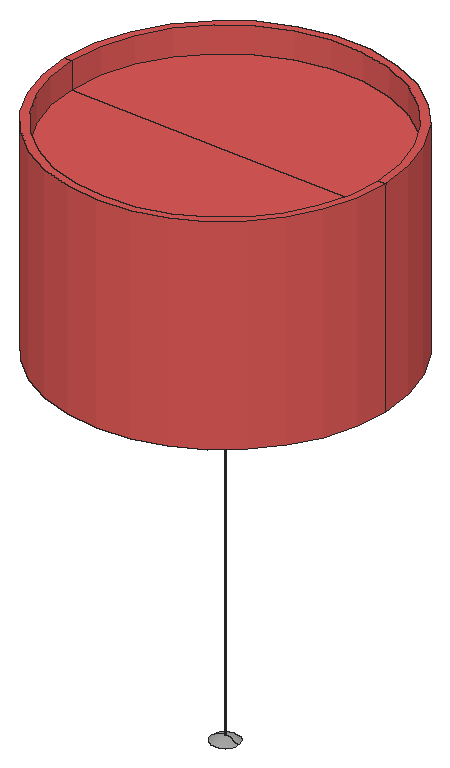
Revit family "DP", category Lighting Fixtures, host Face, Revit 2014
Parameters (values of type "M-D-P")
  Watts = 8 W
  Wattage Comments = "8W"
  Wattage = 9.2903 W
  Warranty = "5 years Warranty"  # constant formula
  built-in parameter 1150110 = 1 (stored number, unit not read)
  Voltage = 120 V
  URL = "https://www.hubbell.com/securitylighting/en"
  built-in parameter 1114217 = 1 (stored number, unit not read)
  Tilt Angle = 60.00°
  built-in parameter 1150109 = 1 (stored number, unit not read)
  built-in parameter 1150134 = 3
  built-in parameter 1150113 = 1 (stored number, unit not read)
  Reflector Finish = Hubbell - White Glass
  Product Link = "https://www.hubbell.com/securitylighting/en/Products/Lighting-Controls/Commercial-Indoor-Lighting/Pendant-Lighting/Drum/p/2096109"
  Product Documentation Link = "https://hubbellcdn.com/specsheet/Pendant%20Drum%20Series.pdf"
  Power Factor = 1
  Photometric Web File = "generic"
  Pendent Height [instance] = 24"
  built-in parameter 1150142 = (empty or 0)
  Model = "M-D-P"
  Manufacturer = "Security Lighting"  # constant formula
  built-in parameter 1150105 = 109.82 (stored number, unit not read)
  Lumens = 1380 lm
  built-in parameter 1150115 = 1 (stored number, unit not read)
  Load Classification = Lighting
  built-in parameter 1150137 = (empty or 0)
  built-in parameter 1150139 = (empty or 0)
  built-in parameter 1150112 = 1 (stored number, unit not read)
  built-in parameter 1150114 = 1 (stored number, unit not read)
  Lamp = "LED"  # constant formula
  LF = DP : M
  built-in parameter 1150132 = (empty or 0)
  built-in parameter 1150102 = (empty or 0)
  built-in parameter 1150107 = 3200 (stored number, unit not read)
  built-in parameter 1150138 = (empty or 0)
  built-in parameter 1150106 = 1.0982 (stored number, unit not read)
  Housing Material = Paint - Hubbell - Matte White
  Fixture distribution = "Direct"  # constant formula
  Emit from Circle Diameter = 21 205/256"
  Emit Shape Visible in Rendering = no
  built-in parameter 1150104 = 13.8 (stored number, unit not read)
  Drum-Height = 14"
  Dimming Lamp Color Temperature Shift = <None>
  Description = "Security Lighting's Drum Pendant Series offers a classic pendant shape in multiple sizes and colors to provide maximum design flexibility for all of today's contemporary decors."  # constant formula
  Default Elevation = 48"
  Copyright = " ©2020 Security Lighting, a division of Hubbell Lighting, Inc"  # constant formula
  Contact = "https://www.hubbell.com/securitylighting/en/contactUs?productId=2096109"
  Connector Description = "Lighting Connector"  # constant formula
  Color Filter = 16777215
  built-in parameter 1114218 = 1 (stored number, unit not read)
  built-in parameter 1150133 = 10 (stored number, unit not read)
  Assembly Code = "D5020200"
  Apparent Load = Watts / Power Factor  # 8 VA
Types (4): name | Model | LF | Emit from Circle Diameter | Drum-Height
  (no name) | "M-D-P" | DP : M | 21 205/256" | 14"
  S-D-P | "S-D-P" | DP : S | 13 205/256" | 8 1/2"
  M-D-P | "M-D-P" | DP : M | 21 205/256" | 14"
  L-D-P | "L-D-P" | DP : L | 29 205/256" | 14"
Reference planes (in)
  plane 1 "Center (Front/Back)": y = 0
  plane 2: z = 0
  plane 3 "Center (Left/Right)": x = 0
  plane 4: z = 24
  plane 5: z = 27.5
  plane 6: z = 38
Dimensions and locks (in)
  "Pendent Height": plane 4 to plane 2
  locked: plane 5 to plane 4 at 3.5
  "Drum-Height": plane 6 to plane 4
  aligned and locked: plane 2 to host face
  aligned and locked: level to host face
  aligned and locked: plane 1 "Center (Front/Back)" to nested 1
  aligned and locked: plane 3 "Center (Left/Right)" to nested 1
  aligned and locked: imposter light to plane 1 "Center (Front/Back)"
  aligned and locked: plane 6 to imposter light
Automatic sketch dimensions
  host sketch curve to host sketch curve = 96"  (x2)
Nested families (in)
  nested 1: "DP" at (0, 0, 0), Pendent Height <- "Pendent Height", type <- "LF", type "M"
    with Pendent Height 24"
Connectors (in)
  electrical at (-0.00321, 0, 22.57698), driven by "Load Classification", driven by "Voltage", driven by "Apparent Load", driven by "Power Factor", driven by "Connector Description"
    settings: on nested 1, index 1, voltage 120 V, apparent load 8 VA, apparent load phase1 0 VA, apparent load phase2 0 VA, apparent load phase3 0 VA, power factor 1, load classification "Lighting", number of poles 1, system type 30, power factor state 1, is connector primary yes, connector utility no, sub classification motor no, connector description "Lighting Connector"
Definition of nested family "DP"
  Parameters (values of type "S")
    Width = 2.2"  # constant formula
    Wattage Comments = ""
    URL = ""
    Rod Material = Paint - Hubbell - Gray Smooth
    Reflector Finish = Hubbell - White Glass
    Pendent Height [instance] = 12"
    Pendant Material = Hubbell - Red
    Model = ""
    Manufacturer = ""
    Load Classification = Lighting
    Length = 14"
    Lamp = ""
    L2 = L1 - 1/2"  # 6 1/2"
    L1 = Length / 2  # 7"
    Height = 8 1/2"
    Description = ""
    Default Elevation = 48"
    Apparent Load = 0 VA  # constant formula
  Types (3): name | Length | L2 | L1 | Height
    S | 14" | 6 1/2" | 7" | 8 1/2"
    M | 22" | 10 1/2" | 11" | 14"
    L | 30" | 14 1/2" | 15" | 14"
  Reference planes (in)
    plane 1 "Center (Front/Back)": y = 0
    plane 2: z = 0
    plane 3 "Center (Left/Right)": x = 0
    plane 4: y = -1.1
    plane 5: y = 1.1
    plane 6: z = 12
    plane 7: x = -7
    plane 8: x = 7
    plane 9: z = 20.5
    plane 10: x = 7
    plane 11: x = -7
    plane 12: x = 6.5
    plane 13: x = -6.5
  Forms (in)
    Extrusion 1, solid
      sketch origin (0, 0, 0) x (1, 0, 0) y (0, 1, 0)
        loop
          line (-48, 48) -> (-48, -48) -> (48, -48) -> (48, 48) -> (-48, 48)
      from 0 to -1.25
    Revolve 2, solid, material "Paint - Hubbell - Gray Smooth" <- "Rod Material"
      sketch origin (-29.50321, 0, 0) x (-1, 0, 0) y (0, 0, -1)
        loop
          line (-29.5, -12) -> (-29.34307, -12) -> (-29.34307, -10.7519) -> (-29.41672, -10.7519) -> (-29.41672, -10.57698) -> (-29.47196, -10.57698) -> (-29.47196, -0.35602)
          arc (-29.47196, -0.35602) -> (-29.01339, -0.24598) -> (-28.61104, 0) r 1.51188
          line (-28.61104, 0) -> (-29.5, 0) -> (-29.5, -12)
        axis (-29.5, -12) -> (-29.5, 0)
      angle from 0 to 360
    Revolve 3, solid, material "Hubbell - Red" <- "Pendant Material"
      sketch origin (0, 0, 0) x (1, 0, 0) y (0, 0, 1)
        loop
          line (0, 12) -> (7, 12) -> (7, 20.5) -> (6.5, 20.5) -> (6.5, 18.75) -> (0, 18.75) -> (0, 12)
        axis (0, 20.5) -> (0, 12)
      angle from 0 to 360
  Dimensions and locks (in)
    equal spacing: plane 4, plane 1 "Center (Front/Back)", plane 5
    "Width": plane 5 to plane 4
    "Pendent Height": plane 6 to plane 2
    equal spacing: plane 8, plane 3 "Center (Left/Right)", plane 7
    "Length": plane 8 to plane 7
    "Height": plane 9 to plane 6
    "L2": plane 12 to plane 3 "Center (Left/Right)"
    "L1": plane 10 to plane 3 "Center (Left/Right)"
    aligned and locked: plane 2 to Extrusion 1
    aligned and locked: level to Extrusion 1
    aligned and locked: plane 9 to Revolve 3 sketch curve
    aligned and locked: plane 10 to Revolve 3 sketch curve
    aligned and locked: Revolve 3 sketch curve to plane 12
    aligned and locked: Revolve 3 sketch curve to plane 3 "Center (Left/Right)"  (x2)
  Automatic sketch dimensions
    Extrusion 1 sketch curve to Extrusion 1 sketch curve = 96"  (x2)
    Revolve 2 sketch curve to plane 6 = 0"
    Revolve 2 sketch curve to level = 0"
    plane 3 "Center (Left/Right)" to Revolve 2 sketch curve = 0.08794"
    Revolve 2 sketch curve to plane 3 "Center (Left/Right)" = 0.00321"  (x2)
    Revolve 2 sketch curve to plane 3 "Center (Left/Right)" = 1/32"
    Revolve 2 sketch curve to Revolve 2 sketch curve = 0.05524"
    Revolve 2 sketch curve to Revolve 2 sketch curve = 0.07365"
    Revolve 2 sketch curve to Revolve 2 sketch curve = 0.88896"
    Revolve 2 sketch curve to Revolve 2 sketch curve = 1.2481"
    Revolve 2 sketch curve to Revolve 2 sketch curve = 0.17493"
    level to Revolve 2 sketch curve = 0.35602"
    plane 9 to Revolve 2 sketch curve = 85.53497"
    Revolve 2 sketch curve to Revolve 2 sketch curve = 8.0164"
    Revolve 3 sketch curve to plane 6 = 0"
    Revolve 3 sketch curve to plane 9 = 0"
    Revolve 3 sketch curve to Revolve 3 sketch curve = 1 3/4"
    plane 6 to Revolve 3 sketch curve = 1/4"
